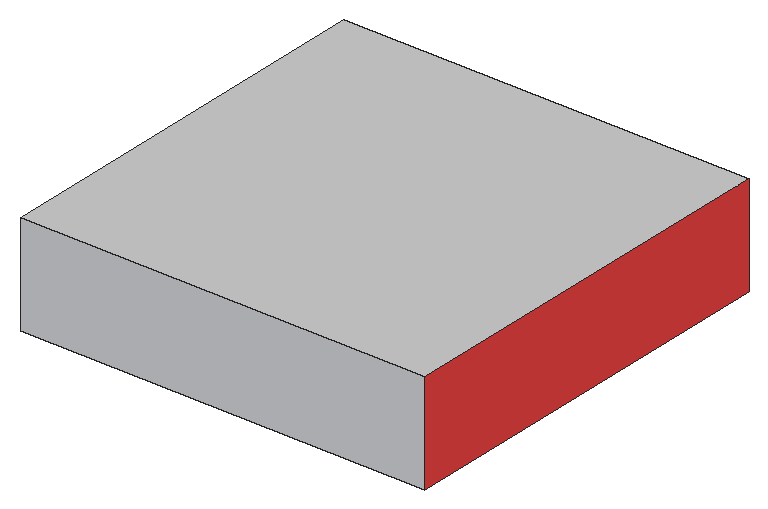
Revit family "GRIFO DE COCINA KILY", category Aparatos sanitarios, Revit 2015
Parameters (values of type "4958600")
  URL = "http://www.griferiasgalindo.com/ducha/kily/grifo-de-cocina-kily?c=es"
  Teléfono = "(+34) 915 782 575"
  TIPO DE AGUA = "Fria/Caliente"
  REFERENCIA = "4958600"
  Presión Máxima = ""
  PESO BRUTO = ""
  Modelo = "KILY"
  Material = LATON CROMADO
  Imagen de tipo = <Ninguno>
  Fabricante = "PRESTO IBÉRICA"
  Default Elevation = 1219.2 mm
  ENTRADA = "Con latiguillos flexibles de 3/8”"
  Descripción = "Grifo monomando de cocina Kily. Colección de líneas refinadas y elegantes que se adaptan a todo tipo de ambientes. Su original maneta de forma ondulada destaca en inclinación del escultural diseño del cuerpo del grifo. Una grifería que decora el espacio de baño con personalidad siendo piezas prácticas y ergonómicas muy confortables con el toque de distinción perfecto."
  Código de montaje = "C1030220"
  Contacto = "info@prestoiberica.com"
  Conexión AF = yes
  Conexión AC = yes
  Comentarios de tipo = "Mecanismo monomando de cocina.\r\n◦Acabado Cromo\r\n◦Cartucho con discos cerámicos de diámetro 25 mm.Tubos de alimentación flexibles 3/8\" y longitud 35 cm."
  CIERRE = ""
  CAUDAL = "12 l/min a 3 bar"
  Accionamiento = "Por maneta"
Reference planes
  plane 1 "Centro (Frontal/Posterior)": y = 0
  plane 2: z = 0
  plane 3 "Centro (Izquierda/Derecha)": x = 0
Forms (mm)
  Extrusion 1, solid
    sketch origin (0, 0, 0) x (1, 0, 0) y (0, 1, 0)
      loop
        line (-100, 100) -> (-100, -100) -> (100, -100) -> (100, 100) -> (-100, 100)
    from 0 to -50
Dimensions and locks
  Extrusion 1 sketch curve to plane 1 "Centro (Frontal/Posterior)" = 100 mm
  aligned and locked: plane 2 to Extrusion 1
  aligned and locked: level to Extrusion 1
Connectors
  piping at (0, 0, 2.6), diameter 9.5
    settings: on import instance, index 1, connector inside diameter 609.6 mm, connector length 0 mm, flow factor 0, pipe flow 0.0 L/s, pressure drop 0.0 Pa, fitting loss kfactor 0, connector angle 0.00°, fixture units 0, engagement length 0 mm, angle of deflection 0.00°, flow configuration 0, flow direction 1, fitting loss method 0, system type 7, joint type 0, gender type 0, connector reference index -1, connector utility 0, adjustable connector no, is connector primary yes, connector description ""
